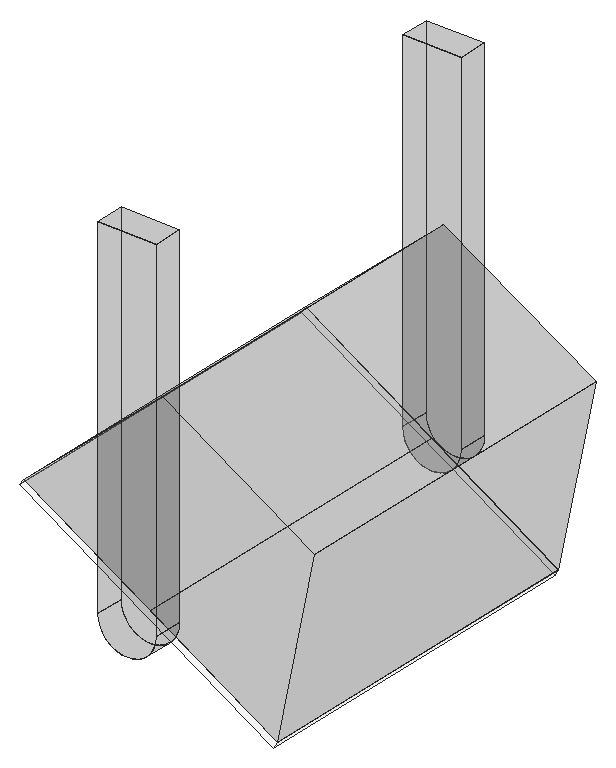
Revit family "22013bbc44d040409851c912fef5bb43", category Lighting Fixtures, host Ceiling, Revit 2021
Family settings
  Host = Ceiling
  Round Connector Dimension = Use Diameter
  Part Type = Normal
  OmniClass Number = 23.80.70.11.14.11
  OmniClass Title = Downlights
  Seek Item ID = Downlight - Spot-0000-USA-ENU
  Always vertical = No
  Cut with Voids When Loaded = No
  Light Source = Yes
  Shared = No
  Room Calculation Point = No
Parameters (values of type "60 Degree Tilt - 120V")
  Wattage = 40 W
  built-in parameter 1150110 = 1 (stored number, unit not read)
  built-in parameter 1114217 = 0.88 (stored number, unit not read)
  built-in parameter 1150109 = 1 (stored number, unit not read)
  built-in parameter 1150134 = 8
  built-in parameter 1150113 = 1 (stored number, unit not read)
  built-in parameter 1010507 = 1.5708 (stored number, unit not read)
  built-in parameter 1010506 = 0.5236 (stored number, unit not read)
  built-in parameter 1150115 = 1 (stored number, unit not read)
  built-in parameter 1150105 = 10532.2 (stored number, unit not read)
  Load Classification = Lighting - Dwelling Unit
  Light Source Symbol Length = 4' - 0"
  built-in parameter 1150137 = 1
  built-in parameter 1150139 = (empty or 0)
  Lamp Width = 0' - 5"
  built-in parameter 1150112 = 1 (stored number, unit not read)
  built-in parameter 1150114 = 1 (stored number, unit not read)
  built-in parameter 1150132 = (empty or 0)
  built-in parameter 1150102 = (empty or 0)
  built-in parameter 1150138 = (empty or 0)
  built-in parameter 1150107 = 4230 (stored number, unit not read)
  built-in parameter 1150106 = 105.32 (stored number, unit not read)
  built-in parameter 1150104 = 7.3161 (stored number, unit not read)
  Dimming Lamp Color Temperature Shift = <None>
  Diffuser = Glass, White, High Luminance
  Default Elevation = 0' - 0"
  Color Filter = 16777215
  Ballast Voltage = 120 V
  Ballast Number of Poles = 1
  built-in parameter 1114218 = 0.88 (stored number, unit not read)
  built-in parameter 1150133 = 10 (stored number, unit not read)
  Assembly Code = "D5020230"
  Lamp Height = 0' - 3"
  Lamp = ""
  Light Casing Material = Plastic, Opaque Black
  Lumens = 3150 lm
  Tilt Angle = 60.00°
  Wattage Comments = "40"
  Lamp Half Width = Lamp Width / 2  # 0' - 2 1/2"
  Apparent Load = 40 VA
Types (7): name | Light Source Symbol Length | Lamp Width | Ballast Voltage | Tilt Angle | Lamp Half Width
  (no name) | 4' - 0" | 0' - 5" | 120 V | 60.00° | 0' - 2 1/2"
  90 Degree Tilt - 277V | 10' - 0" | 0' - 4" | 277 V | 90.00° | 0' - 2"
  75 Degree Tilt - 277V | 10' - 0" | 0' - 4" | 277 V | 75.00° | 0' - 2"
  60 Degree Tilt - 120V | 4' - 0" | 0' - 5" | 120 V | 60.00° | 0' - 2 1/2"
  60 Degree Tilt - 277V | 10' - 0" | 0' - 4" | 277 V | 60.00° | 0' - 2"
  75 Degree Tilt - 120V | 10' - 0" | 0' - 4" | 120 V | 75.00° | 0' - 2"
  90 Degree Tilt - 120V | 10' - 0" | 0' - 4" | 120 V | 90.00° | 0' - 2"
Reference planes (in)
  plane 1 "Light Source Axis": y = 0
  plane 2 "Ceiling": z = 96
  plane 3 "Light Source Axis": x = 0
  plane 4 "Light Source Elevation": z = 90
Forms (in)
  Extrusion 1, solid, material "Plastic, Opaque Black" <- "Light Casing Material"
    sketch origin (0, 6, 0) x (0, 0, -1) y (1, 0, 0)
      loop
        line (-93.34808, 0.2015) -> (-91.25, -2.16453) -> (-90, 0.00054) -> (-88.75, 2.1656) -> (-91.84808, 2.79958) -> (-93.34808, 0.2015)
    from 3 to 9
  Extrusion 2, solid, material "Plastic, Opaque Black" <- "Light Casing Material"
    sketch origin (0, -3, 0) x (0, 0, -1) y (1, 0, 0)
      loop
        line (-96, -0.5) -> (-90, -0.5)
        arc (-90, -0.5) -> (-89.5, 0) -> (-90, 0.5) r 0.5
        line (-90, 0.5) -> (-96, 0.5) -> (-96, -0.5)
    from 0 to 0.5
  Extrusion 3, solid, material "Plastic, Opaque Black" <- "Light Casing Material"
    sketch origin (0, 4, 0) x (0, 0, -1) y (1, 0, 0)
      loop
        line (-96, -0.5) -> (-90, -0.5)
        arc (-90, -0.5) -> (-89.5, 0) -> (-90, 0.5) r 0.5
        line (-90, 0.5) -> (-96, 0.5) -> (-96, -0.5)
    from 0.5 to 1
  Extrusion 4, solid, material "Glass, White, High Luminance" <- "Diffuser"
    sketch origin (0, 0, 90) x (0.866025, 0, -0.5) y (0.5, 0, 0.866025)
      loop
        line (2.5, 0) -> (-2.5, 0) -> (-2.5, -0.125) -> (2.5, -0.125) -> (2.5, 0)
    from -3 to 3
Lines and regions (in)
  model lines
    curve 1: line (-1.99946, 3, 96) -> (2.00054, 3, 96)
    curve 2: line (-1.99946, -3, 96) -> (-1.99946, 3, 96)
    curve 3: line (2.00054, -3, 96) -> (-1.99946, -3, 96)
    curve 4: line (2.00054, 3, 96) -> (2.00054, -3, 96)
  symbolic lines
    curve 5: line (-0.5, 3.5, 96) -> (0.5, 3.5, 96)
    curve 6: line (-0.5, 3, 96) -> (-0.5, 3.5, 96)
    curve 7: line (0.5, 3.5, 96) -> (0.5, 3, 96)
    curve 8: line (-0.5, -3, 96) -> (-0.5, -3.5, 96)
    curve 9: line (-0.5, -3.5, 96) -> (0.5, -3.5, 96)
    curve 10: line (0.5, -3.5, 96) -> (0.5, -3, 96)
    curve 11: line (-1.99946, 0, 96) -> (0.00054, 0, 96)
    curve 12: line (-1.99946, 1, 96) -> (0.00054, 1, 96)
    curve 13: line (-1.99946, 2, 96) -> (0.00054, 2, 96)
    curve 14: line (-1.99946, -1, 96) -> (0.00054, -1, 96)
    curve 15: line (-1.99946, -2, 96) -> (0.00054, -2, 96)
    curve 16: line (0.00054, 3, 96) -> (0.00054, -3, 96)
  reference lines
    curve 17: line (0, 0, 90) -> (6.7117, 0, 86.125)
Text (in)
  text "0 Tilt Angle" at (-58.35608, 9.29162, 84), in view "Ref. Level"
  text "180 Tilt Angle" at (25.71096, 9.29162, 84), in view "Ref. Level"
Dimensions and locks (in)
  equal spacing: host sketch curve, plane 3 "Light Source Axis", host sketch curve
  equal spacing: host sketch curve, plane 1 "Light Source Axis", host sketch curve
  host sketch curve to host sketch curve = 10' - 0"  (x2)
  "Lamp Height": Extrusion 1 sketch curve to Extrusion 1 sketch curve
  "Lamp Half Width": Extrusion 1 sketch curve to Extrusion 1 sketch curve  (x2)
  equal spacing: Extrusion 4 sketch curve, curve 17, Extrusion 4 sketch curve
  "Lamp Half Width": Extrusion 4 sketch curve to curve 17
  "Tilt Angle": angle plane 3 "Light Source Axis" to Extrusion 1 sketch curve
  angle Extrusion 1 sketch curve to Extrusion 1 sketch curve = 71.5651°  (x2)
  angle Extrusion 1 sketch curve to Extrusion 1 sketch curve = 108.435°  (x2)
  "Tilt Angle": angle plane 3 "Light Source Axis" to curve 17
  aligned and locked: plane 3 "Light Source Axis" to imposter light
  aligned and locked: plane 1 "Light Source Axis" to imposter light
  aligned and locked: plane 4 "Light Source Elevation" to imposter light
  aligned and locked: plane 4 "Light Source Elevation" to curve 17
  aligned and locked: plane 3 "Light Source Axis" to curve 17
  aligned and locked: Extrusion 4 sketch curve to curve 17
  aligned and locked: Extrusion 1 to Extrusion 4
  aligned and locked: Extrusion 4 to Extrusion 1
Automatic sketch dimensions
  Extrusion 2 sketch curve to plane 2 "Ceiling" = 0' - 0"
  Extrusion 2 sketch curve to plane 4 "Light Source Elevation" = 0' - 0"
  Extrusion 2 sketch curve to plane 3 "Light Source Axis" = 0' - 0"
  Extrusion 2 sketch curve to plane 3 "Light Source Axis" = 0' - 0 1/2"
  Extrusion 1 sketch curve to plane 4 "Light Source Elevation" = 0' - 0"
  plane 3 "Light Source Axis" to Extrusion 1 sketch curve = 0' - 0.00054"
  curve 11 to plane 1 "Light Source Axis" = 0' - 0"
  plane 3 "Light Source Axis" to curve 11 = 0' - 0.00054"
  curve 8 to plane 3 "Light Source Axis" = 0' - 0 1/2"
  curve 5 to plane 3 "Light Source Axis" = 0' - 0 1/2"
  curve 11 to plane 3 "Light Source Axis" = 0' - 1.99946"
  plane 3 "Light Source Axis" to curve 7 = 0' - 0 1/2"
  plane 3 "Light Source Axis" to curve 10 = 0' - 0 1/2"
  curve 10 to curve 3 = 0' - 1.50054"
  plane 1 "Light Source Axis" to curve 14 = 0' - 1"
  curve 15 to curve 14 = 0' - 1"
  curve 4 to curve 15 = 0' - 1"
  curve 8 to curve 8 = 0' - 0 1/2"
  curve 12 to plane 1 "Light Source Axis" = 0' - 1"
  curve 12 to curve 13 = 0' - 1"
  curve 13 to curve 4 = 0' - 1"
  curve 7 to curve 5 = 0' - 0 1/2"
  curve 17 to Extrusion 4 sketch curve = 0' - 0 1/8"
Connectors (in)
  electrical at (1.50054, 0, 92.59808), driven by "Apparent Load", driven by "Ballast Voltage", driven by "Ballast Number of Poles", driven by "Load Classification"
    settings: on Extrusion 1, index 1, voltage 120 V, apparent load 0 VA, apparent load phase1 40 VA, apparent load phase2 0 VA, apparent load phase3 0 VA, power factor 0.95, load classification "Lighting - Dwelling Unit", number of poles 1, system type 31, power factor state 1, is connector primary yes, connector utility no, sub classification motor no, connector description ""
